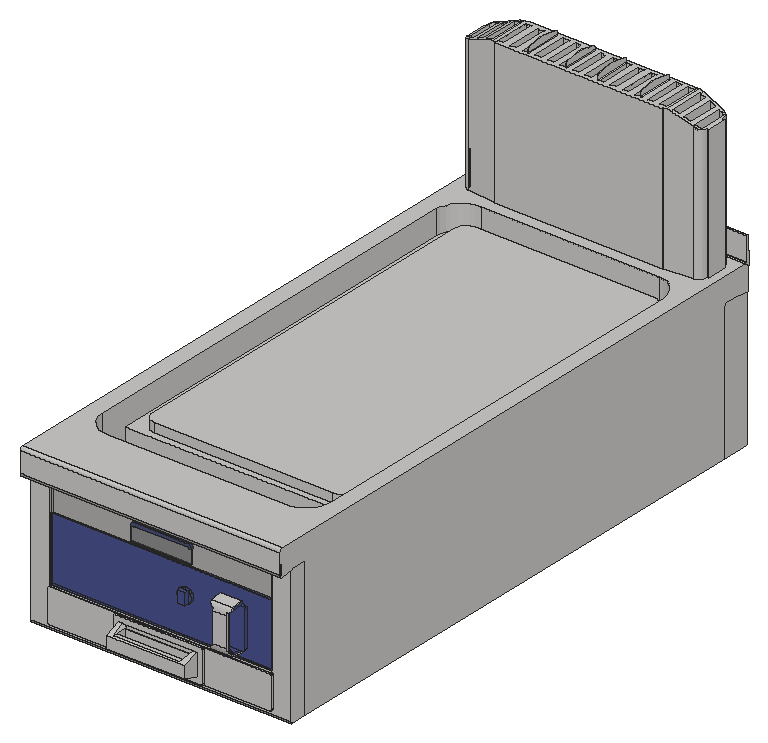
Revit family "QF_ELECTROLUXPROFESSIONAL_593317_MCGHACJOVI", category Specialty Equipment, Revit 2018 (continued)
Definition of nested family "GG_900_Flute for 400 fryer"
  Automatic sketch dimensions
    Extrusion 11 sketch curve to Extrusion 11 sketch curve = 0.775 mm
    Extrusion 11 sketch curve to Extrusion 11 sketch curve = 0.056 mm
    Extrusion 11 sketch curve to Extrusion 11 sketch curve = 4 mm
    level to Extrusion 11 sketch curve = 1058.178 mm
    Extrusion 11 sketch curve to Extrusion 11 sketch curve = 49.354 mm
    Extrusion 11 sketch curve to Extrusion 11 sketch curve = 3.029 mm  (x2)
    Extrusion 11 sketch curve to Extrusion 11 sketch curve = 0.001 mm  (x4)
    Extrusion 11 sketch curve to Extrusion 11 sketch curve = 2.392 mm
    Extrusion 12 sketch curve to Extrusion 12 sketch curve = 0 mm  (x3)
    Extrusion 12 sketch curve to plane 3 "Center (Left/Right)" = 39.25 mm
    Extrusion 12 sketch curve to Extrusion 12 sketch curve = 1 mm  (x2)
    Extrusion 12 sketch curve to Extrusion 12 sketch curve = 0.732 mm
    level to Extrusion 12 sketch curve = 1107.532 mm
    curve 4 to plane 4 = 0 mm
    plane 4 to curve 3 = 0.886 mm
    plane 4 to curve 5 = 0.886 mm
    plane 7 to curve 7 = 5.608 mm
    plane 7 to curve 2 = 5.608 mm
    plane 7 to curve 3 = 6.632 mm
    plane 7 to curve 5 = 6.632 mm
    plane 1 "Center (Front/Back)" to curve 2 = 5.039 mm
    plane 8 to curve 2 = 22.497 mm
    plane 8 to curve 6 = 22.497 mm
    plane 3 "Center (Left/Right)" to curve 8 = 49.049 mm
    plane 3 "Center (Left/Right)" to curve 12 = 49.049 mm
    curve 10 to plane 6 = 7.744 mm
    curve 11 to plane 5 = 2.907 mm
    curve 11 to curve 10 = 0 mm
    curve 12 to plane 6 = 6.72 mm
    curve 8 to plane 6 = 6.72 mm
    plane 6 to curve 11 = 4.002 mm
    plane 6 to curve 10 = 4.002 mm
    curve 10 to curve 9 = 2.136 mm
    curve 3 to plane 5 = 2.907 mm
    plane 5 to curve 10 = 2.907 mm
    plane 5 to curve 5 = 2.907 mm
    plane 5 to curve 10 = 15.407 mm
    curve 5 to curve 5 = 12.5 mm
    curve 10 to curve 9 = 0 mm
    curve 4 to curve 5 = 0 mm
    plane 5 to curve 6 = 32.954 mm
    curve 11 to curve 11 = 12.5 mm
    curve 4 to plane 5 = 15.407 mm
    curve 11 to curve 9 = 0 mm
    curve 3 to curve 3 = 12.5 mm
